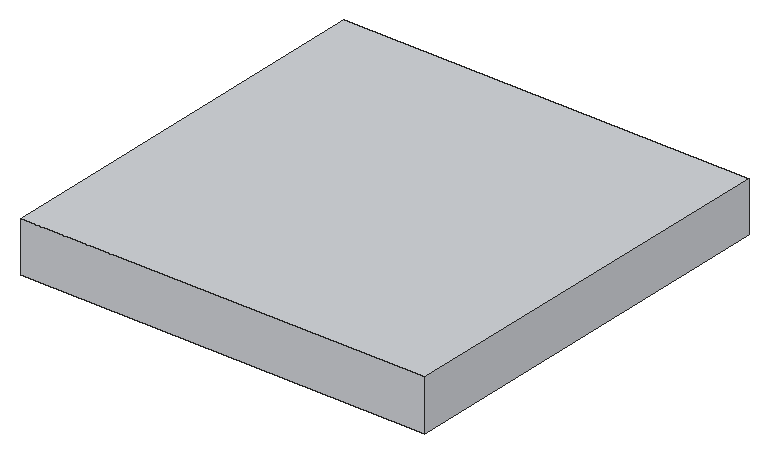
Revit family "05-E078-Z5-CL", category Luminarias, Revit 2017
Family settings
  Anfitrión = Cara
  Cota de conector redondo = Diámetro de uso
  Tipo de pieza = Normal
  Número OmniClass = 23.80.70.00
  Título OmniClass = Lighting
  Corte con vacíos al cargar = No
  Origen de luz = No
  Compartido = Sí
  Punto de cálculo de habitación = No
Parameters (values of type "05-E078-Z5-CL")
  Versión = "v1"
  Vatios (W) = 43.7
  Tipo de regulación = "0-10V"
  Tipo = "Aplique"
  Tender text (English) = "LEDS C4\nAfrodita Tech Big Double Emission\n05-E078-Z5-CL\n\nfor outdoor use. \n\nFor uplighting and downlighting. Suitable for installation in marine environments. Includes 2 cable outlets to facilitate chain mounting. Structure material: Aluminium. Structure finish: Urban grey. Diffuser material: Glass. Diffuser finish: Transparent. UV protection. Warranty: 5 Years.\n\nProduct net weight (Kg): 5.590\nProduct width or diameter (mm): 215\nProduct height (mm): 215\nProduct aperture (mm): 185\n\nClass 1. IP: IP65. IK: IK07. LED. No. of lampholders or LEDs: 2. LED brand: CREE. Driver brand: INVENTRONICS. Maximum power of light source: 37.8W. Colour temperature: LED warm-white 3000K. Colour rendering index: 80. MacAdam Steps: 2. Maximum diameter of luminaire bulb: 50.000h L80B20. UGR: 12.5. Photobiological risk: RG1. Real flux (lm): 1441. Lm/Real W: 33. Voltage and frequency range: 90-305/50-60Hz. Voltage: 36. Gear included: Yes, electronic. Total power: 43.7. Power factor: 0.95. Dimmable gear included: 0-10V."
  Tender text (Castellano) = "LEDS C4\nAfrodita Tech Big Double Emission\n05-E078-Z5-CL\n\nde uso exterior para iluminar hacia arriba y hacia abajo \nApto para instalar en ambientes con atmósfera marina. Incluye 2 salidas de cable para facilitar la instalación en cadena. Material estructura: Aluminio. Acabado estructura: Gris urbano. Material difusor: Cristal. Acabado difusor: Transparente. Protección contra los rayos ultravioleta. Garantía: 5 Años.\n\nPeso neto del producto (Kg): 5.590\nAnchura o diámetro del producto (mm): 215\nAltura del producto (mm): 215\nSalida del producto (mm): 185\n\nClase 1. IP: IP65. IK: IK07. LED. Nº de portalámparas o Leds: 2. Marca del LED: CREE. Marca del Driver: INVENTRONICS. Potencia máxima de la fuente de luz: 37.8W. Temperatura de color: Blanco cálido - 3000K. Índice de reproducción cromática: 80. Steps Mac Adam: 2. Diámetro máximo de la bombilla que admite la luminaria: 50.000h L80B20. UGR: 12.5. Riesgo fotobiológico: RG1. Flujo real (lm): 1441. Lm/W reales: 33. Rango de voltaje/frecuencia: 90-305/50-60Hz. Voltaje: 36. Equipo incluido: Si, electrónico. Potencia total: 43.7. Factor de potencia: 0.95. Equipo regulable incluido: 0-10V."
  Temperatura color led (K) = "Blanco cálido - 3000K"
  Referencia = "05-E078-Z5-CL"
  Rayo de luz = "Check Photometric file"
  Producto descatalogado = "Catalogado ES"
  Pluma comercial = ""
  Peso neto (KG) = 5.59
  Material = "Aluminio, Cristal"
  Lumenes reales (lm) = 1441
  LDT = "http://files.leds-c4.com/ldt/05-E078-Z5-CL.html"
  Imagen web = "http://files.leds-c4.com/main-photo/05-E078-Z5-CL"
  IfcExportType = "NOTDEFINED"
  IfcExportAs = "IfcLightFixture\r\nIfcLightFixture"
  IP = "IP65"
  IMC = "http://files.leds-c4.com/imc/05-E078-Z5-CL.html"
  IK = "IK07"
  Fuente de luz = ""
  Fotometría = "http://files.leds-c4.com/fm/05-E078-Z5-CL.html"
  Ficha = "http://files.leds-c4.com/ft/es/05-E078-Z5-CL.html"
  FechaVersion = "Julio 2020"
  Familia = "Afrodita Tech Big Double Emission"
  Fabricante = "LEDS C4"
  Etiqueta V/f = "100-240V/50-60Hz"
  Elevación por defecto = 1000 mm
  Eficiencia energética = "LED A++"
  EAN13 = "8435575323025"
  DescripcionUniformat2010 = "Lighting"
  DescripcionUniclass2015 = "Lighting"
  DescripcionOmniclass = "Lighting"
  DescripcionGubimclass = "Iluminación interior"
  CodigoUniformat2010 = "D5040"
  CodigoUniclass2015 = "EF_70_80"
  CodigoOmniclass = "21-04 50 40"
  CodigoGubimclass = "50.60.50.20"
  Catálogo = "Outdoor"
  Carga aparente = 0 VA
  CRI = 80
  Acabado = "Gris urbano, Transparente"
Types (2, lengths in mm): name | Lumenes reales (lm) | CRI
  (no name) | 0 | 0
  05-E078-Z5-CL | 1441 | 80
Values of the unnamed type that differ from the named types
  Vatios (W) = 0
  Tipo de regulación = ""
  Tipo = ""
  Tender text (English) = ""
  Tender text (Castellano) = ""
  Temperatura color led (K) = ""
  Referencia = ""
  Rayo de luz = ""
  Producto descatalogado = ""
  Peso neto (KG) = 0
  Material = ""
  LDT = ""
  Imagen web = ""
  IP = ""
  IMC = ""
  IK = ""
  Fotometría = ""
  Ficha = ""
  Familia = ""
  Etiqueta V/f = ""
  Eficiencia energética = ""
  EAN13 = ""
  Catálogo = ""
  Acabado = ""
Reference planes
  plane 1 "Centro (Frontal/Posterior)": y = 0
  plane 2: z = 0
  plane 3 "Centro (Izquierda/Derecha)": x = 0
  plane 4 "Elevación de origen de luz": z = 0
  plane 5 "Eje de origen de luz (F/P)": y = 0
  plane 6 "Eje de origen de luz (I/D)": x = 0
Forms (mm)
  Extrusion 1, solid
    sketch origin (0, 0, 0) x (1, 0, 0) y (0, 1, 0)
      loop
        line (-1219.2, 1219.2) -> (-1219.2, -1219.2) -> (1219.2, -1219.2) -> (1219.2, 1219.2) -> (-1219.2, 1219.2)
    from 0 to -304.8
Dimensions and locks
  aligned and locked: plane 2 to Extrusion 1
  aligned and locked: level to Extrusion 1
Nested families
  nested 1: "Luz anidada" at (0, -140.464, 114.373), type "Tipo1"
Connectors
  electrical at (0, 0, 0)
    settings: on Extrusion 1, index 1, voltage 0 V, apparent load 0 VA, apparent load phase1 0 VA, apparent load phase2 0 VA, apparent load phase3 0 VA, power factor 1, load classification "Otro", number of poles 1, system type 31, power factor state 1, is connector primary yes, connector utility no, sub classification motor no, connector description ""
Definition of nested family "Luz anidada"
  Parameters (values of type "Tipo1")
    Tilt Angle = 90.00°
    Wattage = 43.7 W
    Tipo de regulación = ""
    Tipo = ""
    Tender text = ""
    built-in parameter 1150110 = 1 (stored number, unit not read)
    Pluma comercial = ""
    Material = ""
    Imagen = ""
    IP = ""
    IMC = ""
    IK = ""
    Fotometría = ""
    Ficha = ""
    Familia = ""
    Estado en catálogo = ""
    Peso neto = ""
    Lamp = ""
    built-in parameter 1114217 = 1 (stored number, unit not read)
    built-in parameter 1150109 = 1 (stored number, unit not read)
    Etiqueta vf = ""
    Eficiencia energética = ""
    EAN13 = ""
    built-in parameter 1150134 = (empty or 0)
    built-in parameter 1150113 = 1 (stored number, unit not read)
    Lumens = 2391 lm
    built-in parameter 1150115 = 1 (stored number, unit not read)
    built-in parameter 1150105 = 109.82 (stored number, unit not read)
    built-in parameter 1150137 = (empty or 0)
    built-in parameter 1150139 = (empty or 0)
    built-in parameter 1150112 = 1 (stored number, unit not read)
    built-in parameter 1150114 = 1 (stored number, unit not read)
    built-in parameter 1150132 = (empty or 0)
    built-in parameter 1150102 = (empty or 0)
    built-in parameter 1150138 = (empty or 0)
    built-in parameter 1150107 = 3000 (stored number, unit not read)
    built-in parameter 1150106 = 1.0982 (stored number, unit not read)
    built-in parameter 1150104 = 3.0635 (stored number, unit not read)
    Catálogo = ""
    Dimming Lamp Color Temperature Shift = (empty or 0)
    Color Filter = 16777215
    built-in parameter 1114218 = 1 (stored number, unit not read)
    CRI = 0
    Photometric Web File = "05-E078-Z5-CL.ies"
    Acabado = ""
    built-in parameter 1150133 = 10 (stored number, unit not read)
  Types (2, lengths in mm): name | Tilt Angle
    (no name) | 0.403213°
    Tipo1 | 90.00°
  Values of the unnamed type that differ from the named types
    Wattage = 22.3 W
    built-in parameter 1150104 = 0.80821 (stored number, unit not read)
  Reference planes
    plane 1 "Eje de origen de luz (F/P)": y = 0
    plane 2: z = 0
    plane 3 "Eje de origen de luz (I/D)": x = 0
    plane 4 "Elevación de origen de luz": z = 0
  Dimensions and locks
    aligned and locked: plane 3 "Eje de origen de luz (I/D)" to imposter light
    aligned and locked: plane 1 "Eje de origen de luz (F/P)" to imposter light
    aligned and locked: plane 4 "Elevación de origen de luz" to imposter light
    aligned and locked: level to plane 2
